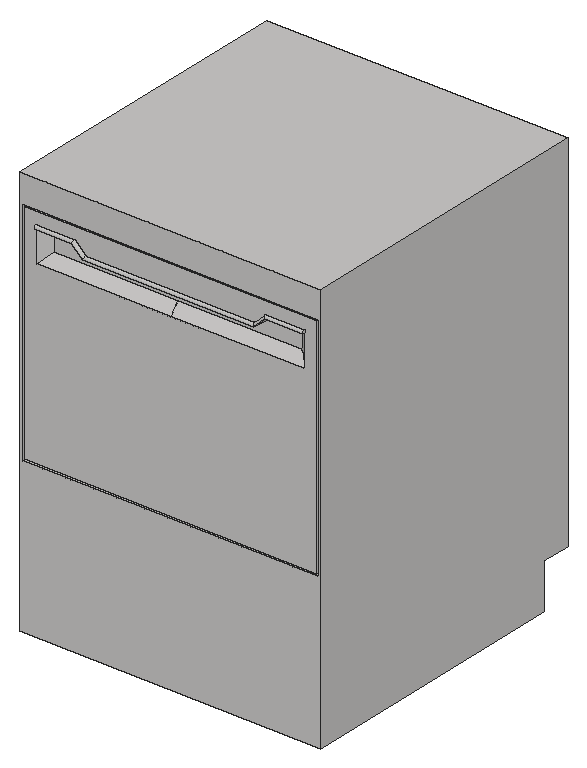
Revit family "QF_ELECTROLUXPROFESSIONAL_502714_ELI1G36M", category Specialty Equipment, Revit 2018
Family settings
  Round Connector Dimension = Use Diameter
  Part Type = Normal
  Work Plane-Based = No
  Always vertical = Yes
  Cut with Voids When Loaded = No
  Shared = No
  Room Calculation Point = No
Parameters (values of type "Standard")
  Weight = 68.00 kg
  Watts = 0 W
  Volts = 230 V
  URL Manufacturer = "http://professional.electrolux.com"
  URL = "http://professional.electrolux.com"
  Steam Supply Size = 0 mm
  Steam Supply Minimum Pressure = 0.0 Pa
  Steam Supply Maximum Pressure = 0.0 Pa
  Steam Pounds per Hour = 0
  Show Logo [instance] = yes
  Show Clearance [instance] = yes
  Refrigeration Suction Line Size = 0 mm
  Refrigeration Liquid Line Size = 0 mm
  Refrigerant Compressor Remote = yes
  Manufacturer = "Electrolux Professional"
  Phase = 1
  Model = "ELI1G36M"
  Length Actual = 600 mm  # constant formula
  Item Number = "502714"
  Hot Water Size = 19.05 mm
  Height Actual = 820 mm  # constant formula
  HP = "9.2 HP"
  Gas Size = 0 mm
  Gas KW = 0
  Gas Input Pressure = 0 W
  Direct Waste Size = 20.5 mm
  Description = "UNDERCOUNTER(L), DOUBLE SKIN, 1PH, DP, DD, 720D/H - 230V/ 1N/ 60HZ MARINE"
  Depth Actual = 615 mm  # constant formula
  Cycle = 60 Hz
  Condensate Return Size = 0 mm
  Compressed Air Volume = 0.0 L/s
  Compressed Air Size = 0 mm
  Compressed Air Pressure = 0.0 Pa
  Cold Water Size = 0 mm
  Accessory = yes
Types (2, lengths in mm): name | URL | Manufacturer | Phase | Model | Hot Water Size | Description
  (no name) | "http://professional.electrolux.com/" | 0 | 0 | 0 | 0 | 0
  Standard | "http://professional.electrolux.com" | "Electrolux Professional" | 1 | "ELI1G36M" | 19.05 | "UNDERCOUNTER(L), DOUBLE SKIN, 1PH, DP, DD, 720D/H - 230V/ 1N/ 60HZ MARINE"
Values of the unnamed type that differ from the named types
  Volts = 0 V
  URL Manufacturer = ""
  Item Number = ""
  Cycle = 0 Hz
Reference planes
  plane 1 "Center (Front/Back)": y = 0
  plane 2: z = 0
  plane 3 "Center (Left/Right)": x = 0
  plane 4 "LEFT": x = -300
  plane 5 "RIGHT": x = 300
  plane 6 "FRONT": y = -307.5
  plane 7 "BACK": y = 307.5
  plane 8: z = 830
  plane 9: z = 10
  plane 10: y = 268.5
Forms (mm)
  Extrusion 1, solid, material "QF_Finishes_Stainless Steel"
    sketch origin (0, 0, 0) x (1, 0, 0) y (0, 1, 0)
      loop
        line (-300, -307.5) -> (300, -307.5) -> (300, 249.5) -> (-300, 249.5) -> (-300, -307.5)
    from 10 to 830
  Extrusion 2, solid, material "QF_Finishes_Stainless Steel"
    sketch origin (0, 0, 0) x (1, 0, 0) y (0, 1, 0)
      loop
        line (-300, 249.5) -> (300, 249.5) -> (300, 307.5) -> (-300, 307.5) -> (-300, 249.5)
    from 100 to 830
  Extrusion 3, solid, material "QF_Finishes_Stainless Steel"
    sketch origin (0, 0, 0) x (1, 0, 0) y (0, 1, 0)
      loop
        circle (-254, 193.5) r 12.5
      loop
        circle (254, 193.5) r 12.5
      loop
        circle (-254, -237.5) r 12.5
      loop
        circle (254, -237.5) r 12.5
    from 0 to 10
  Extrusion 4, void
    sketch origin (-300, -307.5, 0) x (-1, 0, 0) y (0, 0, 1)
      loop
        line (-5, 773.217) -> (-595, 773.217) -> (-595, 315.188) -> (-5, 315.188) -> (-5, 773.217)
    from 0 to 30
  Extrusion 5, solid, material "QF_Finishes_Stainless Steel"
    sketch origin (-274, -411, 733) x (0, 0, -1) y (1, 0, 0)
      loop
        circle (693, 143) r 10
    from -660.5 to -718.5
  Extrusion 6, solid, material "QF_Door-Drawer Clearances", visible <- "Show Clearance", detail levels coarse
    sketch origin (-230, -282.5, 0) x (0, 1, 0) y (0, 0, -1)
      loop
        line (-25, -319.312) -> (-397, -319.312)
        arc (-397, -319.312) -> (-298.139, -616.581) -> (-25, -770) r 434.302
        line (-25, -770) -> (-25, -319.312)
    from 61.225 to -521.647
  Extrusion 7, solid, material "QF_Finishes_Stainless Steel"
    sketch origin (-331.481, -411, 703) x (0, 0, -1) y (1, 0, 0)
      loop
        circle (663, 252.481) r 8
    from -660.5 to -718.5
  Extrusion 8, solid, material "QF_Finishes_Stainless Steel"
    sketch origin (-230, -282.5, 0) x (0, 1, 0) y (0, 0, -1)
      loop
        line (-25, -319.312) -> (-25, -770) -> (0, -770) -> (0, -319.312) -> (-25, -319.312)
    from 61.225 to -521.647
  Extrusion 9, solid, material "QF_Finishes_Stainless Steel"
    sketch origin (-301, 942.75, 760.5) x (0, -1, 0) y (1, 0, 0)
      loop
        circle (663, 158) r 8
    from -660.5 to -670.5
  Blend 10, void
    base sketch origin (-230, -307.5, 770) x (0, 0, -1) y (1, 0, 0)
      loop
        line (93.563, -37.311) -> (93.563, 230) -> (93.563, 497.311) -> (28.563, 497.311) -> (28.563, 422.311) -> (49.776, 401.098) -> (49.776, 230) -> (49.776, 58.902) -> (28.563, 37.689) -> (28.563, -37.311) -> (93.563, -37.311)
    top sketch origin (-230, -307.5, 770) x (0, 0, -1) y (1, 0, 0)
      loop
        line (73.563, -17.311) -> (73.563, 230) -> (73.563, 477.311) -> (31.063, 477.311) -> (31.063, 422.311) -> (52.276, 401.098) -> (52.276, 58.902) -> (31.063, 37.689) -> (31.063, -17.311) -> (73.563, -17.311)
    from 0 to -19.433
  Sweep 11, solid, material "QF_Finishes_Stainless Steel"
    path origin (-230, -307.5, 770) x (0, 0, -1) y (1, 0, 0)
      loop
        line (28.563, -37.311) -> (28.563, 37.689) -> (49.776, 58.902) -> (49.776, 401.098) -> (28.563, 422.311) -> (28.563, 497.311)
    profile origin (-229.811, -307.5, 741.437) x (0, 0, 1) y (0, -1, 0)
      loop
        line (0, 0) -> (5, 0)
        arc (5, 0) -> (3.536, 3.536) -> (0, 5) r 5
        arc (0, 5) -> (-0.037, 0.962) -> (-0.394, -3.06) r 51.04
        line (-0.394, -3.06) -> (0, 0)
Cuts and joins
  Extrusion 4 cuts Extrusion 1
  joined: Extrusion 1, Extrusion 2
  Blend 10 cuts Extrusion 8
Lines and regions (mm)
  Split face 1
    outline origin (-300, -307.5, 830) x (0, 0, -1) y (1, 0, 0)
      loop
        line (56.783, 5) -> (56.783, 0)
      loop
        line (56.783, 595) -> (56.783, 600)
      loop
        line (37.034, 600) -> (37.034, 514.297)
        arc (37.034, 514.297) -> (37.64, 511.25) -> (39.366, 508.667) r 7.962
        line (39.366, 508.667) -> (44.289, 503.744)
        arc (44.289, 503.744) -> (46.135, 500.982) -> (46.783, 497.723) r 8.515
        line (46.783, 497.723) -> (46.783, 87.277)
        arc (46.783, 87.277) -> (46.135, 84.018) -> (44.289, 81.256) r 8.515
        line (44.289, 81.256) -> (39.366, 76.333)
        arc (39.366, 76.333) -> (37.64, 73.75) -> (37.034, 70.703) r 7.962
        line (37.034, 70.703) -> (37.034, 0)
  Split face 2
    outline origin (-300, -307.5, 830) x (0, 0, -1) y (1, 0, 0)
      loop
        line (13.15, 274.82) -> (37.034, 274.82) -> (37.034, 325.18) -> (13.15, 325.18) -> (13.15, 274.82)
  symbolic lines
    curve 1: line (-300, 307.5, 0) -> (300, 307.5, 0)
    curve 2: line (-300, -307.5, 0) -> (-300, 307.5, 0)
    curve 3: line (300, -307.5, 0) -> (-300, -307.5, 0)
    curve 4: line (300, 307.5, 0) -> (300, -307.5, 0)
  symbolic lines, style "QF_Door-Drawer Clearances"
    curve 5: line (-291.225, -679.5, 0) -> (291.647, -679.5, 0)
    curve 6: line (291.647, -679.5, 0) -> (291.647, -307.5, 0)
    curve 7: line (-291.225, -679.5, 0) -> (-291.225, -307.5, 0)
  symbolic lines, style "SpecialityEquipmentHiddenLines"
    curve 8: line (-300, 249.5, 0) -> (300, 249.5, 0)
Dimensions and locks
  equal spacing: plane 4 "LEFT", plane 3 "Center (Left/Right)", plane 5 "RIGHT"
  equal spacing: plane 7 "BACK", plane 1 "Center (Front/Back)", plane 6 "FRONT"
  plane 7 "BACK" to plane 6 "FRONT" = 615 mm
  plane 4 "LEFT" to plane 5 "RIGHT" = 600 mm
  locked: plane 9 to level at 10
  plane 4 "LEFT" to plane 3 "Center (Left/Right)" = 300 mm
  plane 8 to level = 830 mm  (x2)
  Extrusion 9 sketch curve to plane 4 "LEFT" = 157 mm
  level to Extrusion 5 sketch curve = 40 mm
  Extrusion 5 sketch curve to plane 4 "LEFT" = 169 mm
  Extrusion 7 sketch curve to plane 4 "LEFT" = 221 mm
  level to Extrusion 7 sketch curve = 40 mm
  Extrusion 3 to cut or joined group of Extrusion 1, Extrusion 2, Extrusion 4 = 114 mm
  Extrusion 3 to Extrusion 3 = 431 mm
  plane 6 "FRONT" to Extrusion 3 = 70 mm
  plane 1 "Center (Front/Back)" to plane 6 "FRONT" = 307.5 mm
  locked: plane 7 "BACK" to plane 10 at 39
  plane 7 "BACK" to curve 5 = 987 mm
  Extrusion 8 to cut or joined group of Extrusion 1, Extrusion 2, Extrusion 4 = 454.812 mm
  aligned and locked: level to plane 2
  aligned and locked: Extrusion 1 sketch curve to plane 6 "FRONT"
  aligned and locked: Extrusion 1 sketch curve to plane 4 "LEFT"
  aligned and locked: plane 5 "RIGHT" to Extrusion 1 sketch curve
  aligned and locked: Extrusion 1 to plane 9
  aligned and locked: Extrusion 2 sketch curve to Extrusion 1
  aligned and locked: plane 7 "BACK" to Extrusion 2 sketch curve
  aligned and locked: plane 5 "RIGHT" to Extrusion 2 sketch curve
  aligned and locked: plane 9 to Extrusion 3
Automatic sketch dimensions
  Extrusion 1 sketch curve to plane 10 = 19 mm
  Extrusion 2 sketch curve to plane 10 = 19 mm
  plane 4 "LEFT" to Extrusion 3 sketch curve = 46 mm  (x2)
  Extrusion 3 sketch curve to plane 5 "RIGHT" = 46 mm  (x2)
  plane 6 "FRONT" to Extrusion 3 sketch curve = 70 mm  (x2)
  Extrusion 3 sketch curve to plane 10 = 75 mm  (x2)
  Extrusion 4 sketch curve to Extrusion 1 = 5 mm  (x2)
  Extrusion 4 sketch curve to Extrusion 1 = 305.188 mm
  Extrusion 4 sketch curve to Extrusion 1 = 56.783 mm
  Extrusion 8 sketch curve to plane 6 "FRONT" = 0 mm
  Extrusion 8 sketch curve to Extrusion 8 sketch curve = 25 mm
  Extrusion 8 sketch curve to plane 8 = 60 mm
  plane 9 to Extrusion 8 sketch curve = 309.312 mm
  cut or joined group of Extrusion 1, Extrusion 2, Extrusion 4 to Split face 1 sketch curve = 0 mm  (x2)
  Split face 1 sketch curve to cut or joined group of Extrusion 1, Extrusion 2, Extrusion 4 = 0 mm  (x6)
  cut or joined group of Extrusion 1, Extrusion 2, Extrusion 4 to Split face 1 sketch curve = 10 mm
  Split face 1 sketch curve to Split face 1 sketch curve = 2.494 mm  (x2)
  Split face 1 sketch curve to Split face 1 sketch curve = 8.515 mm  (x2)
  cut or joined group of Extrusion 1, Extrusion 2, Extrusion 4 to Split face 1 sketch curve = 11.786 mm  (x2)
  Split face 1 sketch curve to Split face 1 sketch curve = 5.63 mm  (x2)
  Split face 1 sketch curve to Split face 1 sketch curve = 2.332 mm  (x2)
  Split face 1 sketch curve to cut or joined group of Extrusion 1, Extrusion 2, Extrusion 4 = 65.703 mm
  Split face 1 sketch curve to Split face 1 sketch curve = 4.923 mm  (x2)
  Split face 1 sketch curve to cut or joined group of Extrusion 1, Extrusion 2, Extrusion 4 = 97.277 mm
  Split face 2 sketch curve to cut or joined group of Extrusion 1, Extrusion 2, Extrusion 4 = 13.15 mm
  cut or joined group of Extrusion 1, Extrusion 2, Extrusion 4 to Split face 2 sketch curve = 19.749 mm
  Split face 2 sketch curve to cut or joined group of Extrusion 1, Extrusion 2, Extrusion 4 = 269.82 mm
  Split face 2 sketch curve to Split face 2 sketch curve = 50.359 mm
  curve 1 to plane 4 "LEFT" = 0 mm
  curve 7 to plane 6 "FRONT" = 0 mm
  curve 4 to plane 5 "RIGHT" = 0 mm
  curve 8 to plane 10 = 19 mm
  curve 2 to plane 7 "BACK" = 0 mm
  plane 4 "LEFT" to curve 5 = 8.775 mm
  curve 6 to plane 5 "RIGHT" = 8.353 mm
  Extrusion 6 sketch curve to plane 6 "FRONT" = 0 mm
  plane 6 "FRONT" to Extrusion 6 sketch curve = 61.803 mm
  plane 9 to Extrusion 6 sketch curve = 330.118 mm
  Extrusion 6 sketch curve to Extrusion 6 sketch curve = 20.806 mm
  Extrusion 6 sketch curve to plane 6 "FRONT" = 372 mm
  Blend 10 sketch curve to Extrusion 8 = 28.563 mm  (x2)
  Blend 10 sketch curve to Extrusion 8 = 49.776 mm
  Blend 10 sketch curve to Blend 10 sketch curve = 65 mm
  Extrusion 8 to Blend 10 sketch curve = 23.913 mm
  Blend 10 sketch curve to Blend 10 sketch curve = 75 mm  (x2)
  Blend 10 sketch curve to Blend 10 sketch curve = 21.213 mm  (x5)
  Blend 10 sketch curve to Blend 10 sketch curve = 171.098 mm  (x2)
  Blend 10 sketch curve to Blend 10 sketch curve = 0 mm
  Extrusion 8 to Blend 10 sketch curve = 120.549 mm
  Extrusion 8 to Blend 10 sketch curve = 99.335 mm
  Extrusion 8 to Blend 10 sketch curve = 43.913 mm
  Blend 10 sketch curve to Blend 10 sketch curve = 42.5 mm
  Extrusion 8 to Blend 10 sketch curve = 44.335 mm
  Blend 10 sketch curve to Blend 10 sketch curve = 55 mm  (x2)
  Blend 10 sketch curve to Extrusion 8 = 31.063 mm
  Extrusion 8 to Sweep 11 sketch curve = 98.913 mm
  Sweep 11 sketch curve to Sweep 11 sketch curve = 21.213 mm  (x4)
  Extrusion 8 to Sweep 11 sketch curve = 23.913 mm
  Sweep 11 sketch curve to Extrusion 8 = 28.563 mm
  Extrusion 8 to Sweep 11 sketch curve = 99.335 mm
  Extrusion 8 to Sweep 11 sketch curve = 24.335 mm
  profile plane to Sweep 11 sketch curve = 0 mm  (x2)
  Sweep 11 sketch curve to profile plane = 0 mm
  profile plane to Sweep 11 sketch curve = 3.452 mm
  Sweep 11 sketch curve to Sweep 11 sketch curve = 5 mm
  profile plane to Sweep 11 sketch curve = 0.394 mm
  Sweep 11 sketch curve to profile plane = 3.06 mm
  plane 10 to Extrusion 9 sketch curve = 11.25 mm
  radius of Extrusion 3 sketch curve = 12.5 mm  (x4)
  radius of Extrusion 5 sketch curve = 10 mm
  radius of Extrusion 7 sketch curve = 8 mm
  radius of Extrusion 9 sketch curve = 8 mm
Connectors
  piping at (-131, 307.5, 40), diameter 20
    settings: on Extrusion 5, index 1, connector inside diameter 609.6 mm, connector length 0 mm, flow factor 0, pipe flow 0.0 L/s, pressure drop 0.0 Pa, fitting loss kfactor 0, connector angle 0.00°, fixture units 0, engagement length 0 mm, angle of deflection 0.00°, flow configuration 1, flow direction 1, fitting loss method 0, system type 16, joint type 0, gender type 0, connector reference index -1, connector utility 0, adjustable connector no, is connector primary yes, connector description "Drain"
  piping at (-79, 307.5, 40), diameter 16
    settings: on Extrusion 7, index 3, connector inside diameter 609.6 mm, connector length 0 mm, flow factor 0, pipe flow 0.0 L/s, pressure drop 0.0 Pa, fitting loss kfactor 0, connector angle 0.00°, fixture units 0, engagement length 0 mm, angle of deflection 0.00°, flow configuration 1, flow direction 1, fitting loss method 0, system type 20, joint type 0, gender type 0, connector reference index -1, connector utility 0, adjustable connector no, is connector primary no, connector description "Cold Water Inlet"
  electrical at (-143, 279.75, 90), driven by "Volts"
    settings: on Extrusion 9, index 4, voltage 230 V, apparent load 0 VA, apparent load phase1 0 VA, apparent load phase2 0 VA, apparent load phase3 0 VA, power factor 1, load classification "Altro", number of poles 1, system type 31, power factor state 1, is connector primary yes, connector utility no, sub classification motor no, connector description "Electrical Connection"
